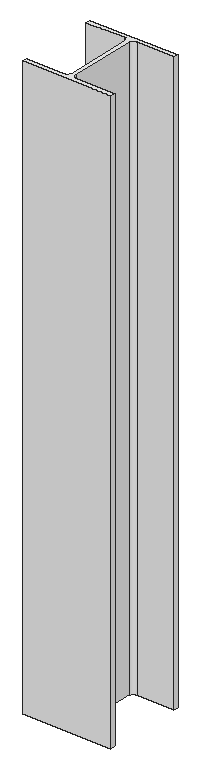
Revit family "M_HP-Bearing Pile-Column", category 구조 기둥, Revit 2026
Family settings
  단면 모양 = 정의되지 않음
  모델 동작 재료 = 스틸
  항상 형상으로 내보내기 = 아니오
  평면의 보 전환 = 경계 상자에서
  로드될 때 보이드를 사용하여 절단 = 아니오
  기호 표현 = 프로젝트 설정에서
  공유 = 아니오
  평면도에서 미리 절단된 패밀리 표시 = 예
Parameters (values of type "HP360X152")
  Assembly Code = ""
  Structural Material [instance] = Metal - Steel - 345 MPa
  A = 0.0194 m²
  W = 1.49
  bf = 376 mm
  d = 356 mm
  k = 35 mm
  kr = k - tf  # 17.1 mm
  tf = 17.9 mm
  tw = 17.9 mm
Types (2, lengths in mm): name | A | W | bf | d | k | kr | tf | tw
  HP310X93 | 0.0119 m² | 0.919 | 308 | 303 | 30 | 16.9 | 13.1 | 13.1
  HP360X152 | 0.0194 m² | 1.49 | 376 | 356 | 35 | 17.1 | 17.9 | 17.9
Reference planes
  plane 1: y = 0
  plane 2: z = 0
  plane 3: x = 0
  plane 4: x = -188
  plane 5: x = 188
  plane 6: y = 178
  plane 7: y = -178
  plane 8: x = -3.969
  plane 9: x = 3.969
Forms (mm)
  Extrusion 1, solid, material "Metal - Steel - 345 MPa" <- "Structural Material", detail levels medium
    sketch origin (0, 0, 0) x (1, 0, 0) y (0, 1, 0)
      loop
        line (-188, 178) -> (-188, 160.1) -> (-8.95, 160.1) -> (-8.95, -160.1) -> (-188, -160.1) -> (-188, -178) -> (188, -178) -> (188, -160.1) -> (8.95, -160.1) -> (8.95, 160.1) -> (188, 160.1) -> (188, 178) -> (-188, 178)
    from 0 to 2500
  Extrusion 2, solid, material "Metal - Steel - 345 MPa" <- "Structural Material", detail levels fine
    sketch origin (0, 0, 0) x (1, 0, 0) y (0, 1, 0)
      loop
        line (-188, 178) -> (-188, 160.1) -> (-26.05, 160.1)
        arc (-26.05, 160.1) -> (-13.958, 155.092) -> (-8.95, 143) r 17.1
        line (-8.95, 143) -> (-8.95, -143)
        arc (-8.95, -143) -> (-13.958, -155.092) -> (-26.05, -160.1) r 17.1
        line (-26.05, -160.1) -> (-188, -160.1) -> (-188, -178) -> (188, -178) -> (188, -160.1) -> (26.05, -160.1)
        arc (26.05, -160.1) -> (13.958, -155.092) -> (8.95, -143) r 17.1
        line (8.95, -143) -> (8.95, 143)
        arc (8.95, 143) -> (13.958, 155.092) -> (26.05, 160.1) r 17.1
        line (26.05, 160.1) -> (188, 160.1) -> (188, 178) -> (-188, 178)
    from 0 to 2500
Lines and regions (mm)
  symbolic lines, style "StructuralColumnStickSymbols", detail levels coarse
    curve 1: line (-188, 178, 0) -> (188, 178, 0)
    curve 2: line (-188, -178, 0) -> (188, -178, 0)
    curve 3: line (0, 178, 0) -> (0, -178, 0)
  symbolic lines, style "Hidden Faces", detail levels medium+fine
    curve 4: line (-3.969, 0, 0) -> (-3.969, 0, 2500)
    curve 5: line (3.969, 0, 2500) -> (3.969, 0, 0)
Dimensions and locks
  equal spacing: plane 4, plane 3, plane 5
  equal spacing: plane 7, plane 1, plane 6
  "d": plane 7 to plane 6
  "bf": plane 4 to plane 5
  "tf": plane 7 to Extrusion 1 sketch curve
  "tf": Extrusion 1 sketch curve to plane 6
  equal spacing: Extrusion 1 sketch curve, plane 3, Extrusion 1 sketch curve
  "tw": Extrusion 1 sketch curve to Extrusion 1 sketch curve
  "kr": radius of Extrusion 2 sketch curve  (x4)
  aligned and locked: plane 6 to Extrusion 1 sketch curve
  aligned and locked: Extrusion 1 sketch curve to plane 7
  aligned and locked: Extrusion 1 sketch curve to plane 4  (x2)
  aligned and locked: plane 5 to Extrusion 1 sketch curve  (x2)
  aligned and locked: Extrusion 1 sketch curve to Extrusion 1 sketch curve  (x2)
  aligned and locked: level to Extrusion 1
  aligned and locked: level to plane 2
  aligned and locked: Extrusion 1 to plane 2
  aligned and locked: plane 6 to Extrusion 2 sketch curve
  aligned and locked: plane 5 to Extrusion 2 sketch curve  (x2)
  aligned and locked: Extrusion 2 sketch curve to plane 4  (x2)
  aligned and locked: Extrusion 2 sketch curve to Extrusion 1  (x6)
  aligned and locked: Extrusion 2 sketch curve to plane 7
  aligned and locked: level to Extrusion 2
  aligned and locked: Extrusion 2 to level
Automatic sketch dimensions
  curve 2 to plane 4 = 0 mm
  curve 1 to plane 4 = 0 mm
  curve 3 to plane 3 = 0 mm
  curve 2 to plane 5 = 0 mm
  curve 1 to plane 5 = 0 mm
  curve 3 to plane 7 = 0 mm
  curve 3 to plane 6 = 0 mm
  curve 4 to level = 0 mm  (x2)
  curve 4 to plane 8 = 0 mm
  curve 5 to level = 0 mm  (x2)
  curve 5 to plane 9 = 0 mm
